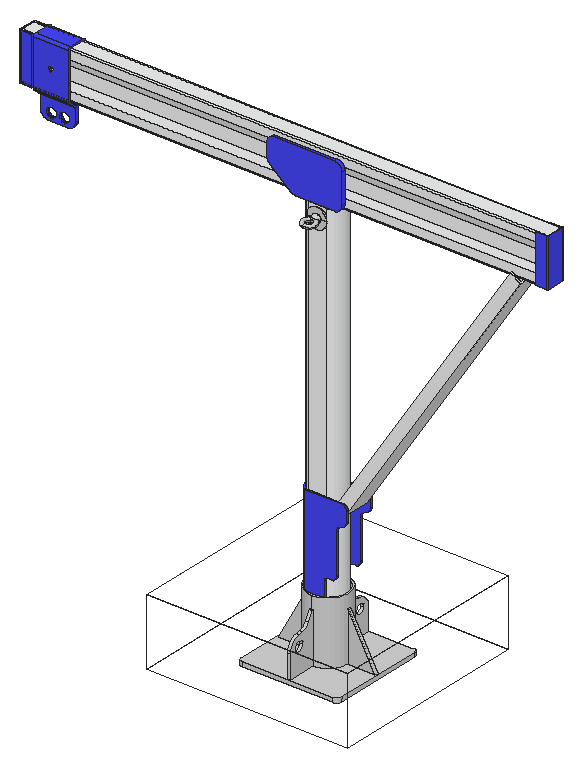
Revit family "FallProtection_DavitBase_Kattsafe_FloorMount_AdhesiveFixed", category Specialty Equipment, Revit 2025 (continued)
Definition of nested family "Ropeaccess_Davitarm_Kattsafe"
  Automatic sketch dimensions
    radius of Revolve 14 sketch curve = 6.25 mm
    radius of Revolve 16 sketch curve = 6.25 mm
Definition of nested family "OperationalReach_DavitArm_Kattsafe"
  Parameters (values of type "Type 1")
    URL = "https://kattsafe.com.au/"
    OperationalReach [instance] = 1199 mm
    Manufacturer = "Kattsafe®"
    CircleVis [instance] = yes
    CircleRadius [instance] = 1070 mm
  Reference planes
    plane 1 "Center (Front/Back)": y = 0
    plane 2: z = 0
    plane 3 "Center (Left/Right)": x = 0
    plane 4 "Center (F/C": y = 1199
    plane 5 "Center (F/D": y = 995
  Lines and regions (mm)
    detail lines, in view "Ref. Level", detail levels medium+fine
      curve 1: line (-34, 1199, 0) -> (34, 1199, 0)
      curve 2: arc (38, 1195, 0) -> (36.828, 1197.828, 0) -> (34, 1199, 0) r 4
      curve 3: line (38, 1195, 0) -> (38, 1149, 0)
      curve 4: line (38, 1149, 0) -> (35, 1149, 0)
      curve 5: line (35, 1149, 0) -> (35, 1135, 0)
      curve 6: line (35, 1135, 0) -> (40, 1135, 0)
      curve 7: line (40, 995, 0) -> (35, 995, 0)
      curve 8: line (40, 1135, 0) -> (40, 995, 0)
      curve 9: line (35, 995, 0) -> (35, 205, 0)
      curve 10: line (47.5, 205, 0) -> (47.5, 114.675, 0)
      curve 11: line (47.5, 205, 0) -> (35, 205, 0)
      curve 12: arc (-38, 1195, 0) -> (-36.828, 1197.828, 0) -> (-34, 1199, 0) r 4
      curve 13: line (-38, 1195, 0) -> (-38, 1149, 0)
      curve 14: line (-38, 1149, 0) -> (-35, 1149, 0)
      curve 15: line (-35, 1149, 0) -> (-35, 1135, 0)
      curve 16: line (-35, 1135, 0) -> (-40, 1135, 0)
      curve 17: line (-40, 1135, 0) -> (-40, 995, 0)
      curve 18: line (-52.5, 205, 0) -> (-52.5, 114.675, 0)
      curve 19: line (-52.5, 205, 0) -> (-35, 205, 0)
      curve 20: line (-40, 995, 0) -> (-35, 995, 0)
      curve 21: line (-35, 995, 0) -> (-35, 205, 0)
    detail lines, in view "Ref. Level", visible <- "CircleVis"
      curve 22: circle (0, 0, 0) r 1070 normal (0, 0, 1)
  Dimensions and locks
    "OperationalReach": plane 4 "Center (F/C" to plane 1 "Center (Front/Back)"
    locked: plane 5 "Center (F/D" to plane 4 "Center (F/C" at 204
    "CircleRadius": radius of curve 22
    aligned and locked: curve 7 to plane 5 "Center (F/D"
    aligned and locked: plane 5 "Center (F/D" to curve 20
    aligned and locked: plane 4 "Center (F/C" to curve 1
  Automatic sketch dimensions
    plane 1 "Center (Front/Back)" to curve 22 = 0 mm
    curve 22 to plane 3 "Center (Left/Right)" = 0 mm
    plane 4 "Center (F/C" to curve 12 = 4 mm
    curve 12 to plane 3 "Center (Left/Right)" = 34 mm
    curve 19 to plane 3 "Center (Left/Right)" = 35 mm
    curve 13 to curve 16 = 3 mm
    curve 16 to curve 15 = 5 mm
    curve 19 to curve 19 = 17.5 mm
    plane 3 "Center (Left/Right)" to curve 1 = 34 mm
    plane 3 "Center (Left/Right)" to curve 9 = 35 mm
    plane 3 "Center (Left/Right)" to curve 5 = 35 mm
    curve 4 to curve 3 = 3 mm
    curve 5 to curve 6 = 5 mm
    curve 9 to curve 11 = 12.5 mm
    curve 21 to plane 1 "Center (Front/Back)" = 205 mm
    curve 19 to curve 11 = 0 mm
    curve 16 to curve 12 = 60 mm
    curve 8 to curve 2 = 60 mm
    curve 16 to curve 13 = 14 mm
    curve 6 to curve 4 = 14 mm
    curve 18 to curve 18 = 90.325 mm
    curve 10 to curve 10 = 90.325 mm
Types (5, lengths in mm): name | Type Comments | RightOffset | OperationalRangeVis | OperationalRangeRadius | OperationalRangeOA | Model | ManufacturerSpecCode | ManufacturerOverallWidth | ManufacturerOverallHeight | DavitArmVis | ArmWidth | ArmHeight
  Base Only (OH520) | "Base Only" | 200 | no | 1070 | 1199 | "OH520" | "OH520" | 400 | 266 | no | 2506 | 2400
  1000mm Reach - 1600H (OH510.1600 + OH520) | "1000mm Reach - 1600mm Height Clearance - Min. 200mm Slab Req." | 907 | yes | 1070 | 1199 | "OH510.1600 + OH520" | "OH510.1600 + OH520" | 2106 | 1850 | yes | 2106 | 1800
  1000mm Reach - 2200H (OH510.2200 + OH520) | "1000mm Reach - 2200mm Height Clearance - Min. 200mm Slab Req." | 907 | yes | 1070 | 1199 | "OH510.2200 + OH520" | "OH510.2200 + OH520" | 2106 | 2450 | yes | 2106 | 2400
  1400mm Reach - 1600H (OH514.1600 + OH520) | "1400mm Reach - 1600mm Height Clearance - Min. 220mm Slab Req." | 907 | yes | 1470 | 1599 | "OH514.1600 + OH520" | "OH514.1600 + OH520" | 2506 | 1850 | yes | 2506 | 1800
  1400mm Reach - 2200H (OH514.2200 + OH520) | "1400mm Reach - 2200mm Height Clearance - Min. 220mm Slab Req." | 907 | yes | 1470 | 1599 | "OH514.2200 + OH520" | "OH514.2200 + OH520" | 2506 | 2450 | yes | 2506 | 2400
